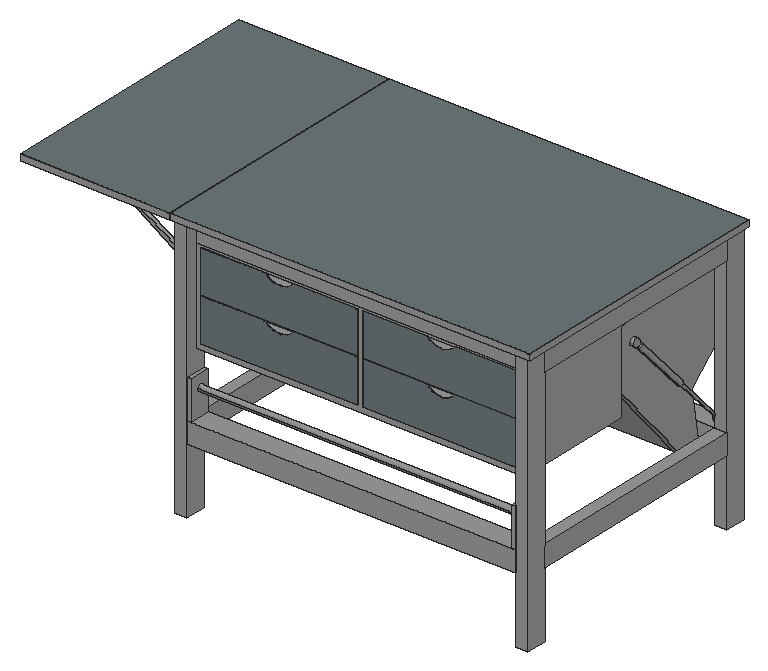
Revit family "Furniture_Other_Sjobergs_Cutting_Table", category Furniture, Revit 2017
Family settings
  OmniClass Number = 23.40.20.27.21
  OmniClass Title = Mobile Storage Units
  Work Plane-Based = No
  Always vertical = Yes
  Cut with Voids When Loaded = No
  Shared = No
  Room Calculation Point = No
Parameters (values of type "Cutting Table")
  Weight = "97,7 kg"
  WarrantyStartDate [instance] = "n/a"
  WarrantyGuarantorParts = "n/a"
  WarrantyGuarantorLabor = "n/a"
  WarrantyDurationUnit = "n/a"
  WarrantyDurationParts = "n/a"
  WarrantyDurationLabor = "n/a"
  WarrantyDescription = "n/a"
  VersionDate = "30/06/2020"  # constant formula
  Version = "1"  # constant formula
  Uniclass2015Reference = "Pr_40_50_21_76"
  Uniclass2015Description = "Desks, Tables And Worktops"
  Uniclass2 = "Pr_40_50_21"
  URL = "https://www.sjobergs.se/sortiment/skola_textilslojd/112.php?id=1274&cat=18&lang=se&artnr=33061"
  Type Comments = ""
  TagNumber [instance] = "n//a"
  SustainabilityPerformance = "n/a"
  Style = "n/a"
  Size = "600 x1200 x 897 mm"
  Shape = "Rectangular"
  ProductDatasheet = "https://www.sjobergs.se/dbhires/Produktblad_klippbord_33061.pdf"
  CuttingTableTertiaryMaterial = Grey laminate
  CuttingTableSecondaryMaterial [instance] = Aluminum
  CuttingTableMainMaterial [instance] = Birch
  SerialNumber [instance] = "n/a"
  Revision = "n/a"
  ReplacementCost = "n/a"
  ProductInformation = "A complete table consists of slab 33108 in dark warped laminate. Tripod 33111 in book. A flap 33118, a box set 33229 and a tipping box 33112 in dark warped laminate."
  NominalWidth = 1700 mm
  NominalHeight = 897 mm
  NominalDepth = 936 mm
  Name = "Sjobergs_Cutting_Table"
  NBSReference = "45-35-20/320"
  NBSDescription = "School art, design and technology tables and workbenches;"
  ModelReference = "n/a"
  ModelNumber = "33061"
  Material = "Wood & Metal"
  ManufacturerName = "Sjöbergs"
  ManufacterURL = "https://www.sjobergs.se/en/"
  MainColor = "Wooden"
  InstallationDate [instance] = "n/a"
  Description = ""
  Model = "Cutting Table"
  Manufacturer = "Sjöbergs"
  IfcExportType = "DRAWER"  # constant formula
  IfcExportAs = "IfcFurnitureType"  # constant formula
  Grade = "n/a"
  Finish = "n/a"
  Features = "The table can be equipped with various accessories, such as the flap, the drawer set and the rocker box."
  ExpectedLife = "n/a"
  DurationUnit = "n/a"
  Cost = 0
  ConvergoRefNr = "0184-2005-0009-SE"
  Constituents = "Paper roll holder 33115, Tilt drawer 33112, Drawers 33229, Flap 33118"
  Color = "Various"
  CodePerformance = "n/a"
  Category = "Cutting Table"
  Brand = "Sjobergs"
  Barcode [instance] = "n/a"
  BIMObjectName = "Furniture_Other_Sjobergs_Cutting_Table"
  Author = "Convergo AB"  # constant formula
  AssetType = "Movable"
  AssetIdentifier [instance] = "n/a"
  AccessibilityPerformance = "n/a"
Reference planes
  plane 1 "Center (Front/Back)": y = 0
  plane 2: z = 0
  plane 3 "Center (Left/Right)": x = 0
  plane 4: x = -850
  plane 5: x = 850
  plane 6: y = 468
  plane 7: y = -468
  plane 8: z = 897
Dimensions and locks
  equal spacing: plane 4, plane 3 "Center (Left/Right)", plane 5
  "NominalWidth": plane 4 to plane 5
  equal spacing: plane 6, plane 1 "Center (Front/Back)", plane 7
  "NominalDepth": plane 6 to plane 7
  "NominalHeight": plane 8 to level
  aligned and locked: level to plane 2
Nested families
  nested 1: "Cutting_Table" at (50, 0, 0), Material 1 <- "CuttingTableTertiaryMaterial", Material 2 <- "CuttingTableMainMaterial", Material 3 <- "CuttingTableSecondaryMaterial", type "Cutting_Table"
    with Material 3 Aluminum, Material 2 Birch, Material 1 Grey laminate
Definition of nested family "Cutting_Table"
  Parameters (values of type "Cutting_Table")
    Material 3 [instance] = none
    Material 2 [instance] = none
    Material 1 [instance] = none
  Reference planes
    plane 1 "Center (Front/Back)": y = 0
    plane 2: z = 0
    plane 3 "Center (Left/Right)": x = 0
    plane 4: x = -900
    plane 5: x = 800
    plane 6: y = 468
    plane 7: y = -468
    plane 8: z = 897
  Forms (mm)
    Extrusion 1, solid, material <- "Material 2", detail levels medium+fine
      sketch origin (0, 0, 0) x (1, 0, 0) y (0, 1, 0)
        loop
          line (-400, 442) -> (-400, -468) -> (800, -468) -> (800, 442) -> (-400, 442)
      from 896 to 875
    Extrusion 2, solid, material <- "Material 2", detail levels medium+fine
      sketch origin (0, 0, 0) x (1, 0, 0) y (0, 1, 0)
        loop
          line (-900, 442) -> (-900, -468) -> (-400, -468) -> (-400, 442) -> (-900, 442)
      from 875 to 896
    Extrusion 3, solid, material <- "Material 2", detail levels medium+fine
      sketch origin (0, 0, 0) x (1, 0, 0) y (0, 1, 0)
        loop
          line (-389, 436) -> (-389, 366) -> (-349, 366) -> (-349, 436) -> (-389, 436)
        loop
          line (749, 436) -> (749, 366) -> (789, 366) -> (789, 436) -> (749, 436)
        loop
          line (789, -392) -> (749, -392) -> (749, -462) -> (789, -462) -> (789, -392)
        loop
          line (-389, -392) -> (-389, -462) -> (-349, -462) -> (-349, -392) -> (-389, -392)
      from 0 to 875
    Extrusion 4, solid, material <- "Material 2", detail levels medium+fine
      sketch origin (0, 0, 0) x (0, 1, 0) y (0, 0, 1)
        loop
          line (436, 291) -> (366, 291) -> (366, 221) -> (436, 221) -> (436, 291)
        loop
          line (-462, 291) -> (-462, 221) -> (-392, 221) -> (-392, 291) -> (-462, 291)
        loop
          line (425, 875) -> (385, 875) -> (385, 805) -> (425, 805) -> (425, 875)
        loop
          line (-425, 875) -> (-425, 805) -> (-385, 805) -> (-385, 875) -> (-425, 875)
      from -349 to 749
    Extrusion 5, solid, material <- "Material 2", detail levels medium+fine
      sketch origin (0, 0, 0) x (1, 0, 0) y (0, 0, 1)
        loop
          line (-389, 291) -> (-389, 221) -> (-349, 221) -> (-349, 291) -> (-389, 291)
        loop
          line (749, 291) -> (749, 221) -> (789, 221) -> (789, 291) -> (749, 291)
        loop
          line (-370, 875) -> (-370, 805) -> (-330, 805) -> (-330, 875) -> (-370, 875)
        loop
          line (749, 875) -> (749, 805) -> (789, 805) -> (789, 875) -> (749, 875)
      from -366 to 392
    Extrusion 6, solid, material <- "Material 2", detail levels medium+fine
      sketch origin (0, 0, 0) x (1, 0, 0) y (0, 0, 1)
        loop
          line (-349, 805) -> (-349, 493) -> (749, 493) -> (749, 805) -> (-349, 805)
      from 25 to 425
    Extrusion 7, solid, material <- "Material 1", detail levels medium+fine
      sketch origin (-1520.779, -600.71, -453.402) x (1, 0, 0) y (0, 0, 1)
        loop
          arc (1498.559, 1252.402) -> (1451.559, 1229.698) -> (1404.559, 1252.402) r 60
          line (1404.559, 1252.402) -> (1190.779, 1252.402) -> (1190.779, 1110.402) -> (1712.279, 1110.402) -> (1712.279, 1252.402) -> (1498.559, 1252.402)
        loop
          arc (1498.559, 1108.402) -> (1451.559, 1085.698) -> (1404.559, 1108.402) r 60
          line (1404.559, 1108.402) -> (1190.779, 1108.402) -> (1190.779, 964.402) -> (1712.279, 964.402) -> (1712.279, 1108.402) -> (1498.559, 1108.402)
        loop
          arc (2038.059, 1252.402) -> (1991.059, 1229.698) -> (1944.059, 1252.402) r 60
          line (1944.059, 1252.402) -> (1730.279, 1252.402) -> (1730.279, 1110.402) -> (2251.779, 1110.402) -> (2251.779, 1252.402) -> (2038.059, 1252.402)
        loop
          arc (2038.059, 1108.402) -> (1991.059, 1085.698) -> (1944.059, 1108.402) r 60
          line (1944.059, 1108.402) -> (1730.279, 1108.402) -> (1730.279, 964.402) -> (2251.779, 964.402) -> (2251.779, 1108.402) -> (2038.059, 1108.402)
      from -175.71 to -174.71
    Revolve 8, solid, material <- "Material 3", detail levels medium+fine
      sketch origin (744.49, -4749.812, -212.098) x (0, 1, 0) y (0, 0, -1)
        loop
          line (4802.362, -887.467) -> (4807.489, -892.149)
          arc (4807.489, -892.149) -> (4808.92, -892.729) -> (4810.327, -892.091) r 1.959
          line (4810.327, -892.091) -> (4982.922, -703.076)
          arc (4982.922, -703.076) -> (4983.431, -701.527) -> (4982.611, -700.119) r 1.988
          line (4982.611, -700.119) -> (4980.646, -698.153) -> (5124.313, -540.818) -> (5121.481, -537.987) -> (4802.362, -887.467)
        axis (5121.481, -537.987) -> (4802.362, -887.467)
      angle from 0 to 360
    Extrusion 9, solid, material <- "Material 3", detail levels medium+fine
      sketch origin (989.979, -4762.854, -212.094) x (0, 1, 0) y (0, 0, -1)
        loop
          line (4814.952, -899.011) -> (4817.618, -896.051)
          arc (4817.618, -896.051) -> (4818.613, -893.725) -> (4817.977, -891.276) r 3.915
          line (4817.977, -891.276) -> (4818.688, -890.486) -> (4812.026, -884.487) -> (4811.318, -885.195)
          arc (4811.318, -885.195) -> (4808.751, -884.759) -> (4806.47, -886.012) r 3.955
          line (4806.47, -886.012) -> (4803.685, -889.105)
          arc (4803.685, -889.105) -> (4795.211, -910.105) -> (4814.952, -899.011) r 12
      from 240.979 to 255.499
    Extrusion 10, solid, material <- "Material 3", detail levels medium+fine
      sketch origin (989.979, 5186.575, 1213.473) x (0, -1, 0) y (0, 0, 1)
        loop
          line (4814.952, -899.011) -> (4817.618, -896.051)
          arc (4817.618, -896.051) -> (4818.613, -893.725) -> (4817.977, -891.276) r 3.915
          line (4817.977, -891.276) -> (4818.688, -890.486) -> (4812.026, -884.487) -> (4811.318, -885.195)
          arc (4811.318, -885.195) -> (4808.751, -884.759) -> (4806.47, -886.012) r 3.955
          line (4806.47, -886.012) -> (4803.685, -889.105)
          arc (4803.685, -889.105) -> (4795.211, -910.105) -> (4814.952, -899.011) r 12
      from 240.979 to 250.377
    Extrusion 11, solid, material <- "Material 3", detail levels medium+fine
      sketch origin (-2913.14, -434.366, -212.323) x (1, 0, 0) y (0, 0, 1)
        loop
          line (2521.14, 1087.323) -> (2223.14, 1087.323)
          arc (2223.14, 1087.323) -> (2221.726, 1086.737) -> (2221.14, 1085.323) r 2
          line (2221.14, 1085.323) -> (2221.14, 1075.823)
          arc (2221.14, 1075.823) -> (2224.069, 1068.752) -> (2231.14, 1065.823) r 10
          line (2231.14, 1065.823) -> (2447.14, 1065.823) -> (2447.14, 1073.323)
          arc (2447.14, 1073.323) -> (2450.64, 1076.823) -> (2454.14, 1073.323) r 3.5
          line (2454.14, 1073.323) -> (2454.14, 1066.323) -> (2504.14, 1066.323) -> (2504.14, 933.823)
          arc (2504.14, 933.823) -> (2507.069, 926.752) -> (2514.14, 923.823) r 10
          line (2514.14, 923.823) -> (2524.14, 923.823) -> (2524.14, 1083.823) -> (2521.14, 1083.823) -> (2521.14, 1087.323)
        loop
          line (2268.14, 1075.823) -> (2376.14, 1075.823) -> (2393.547, 1075.823)
          arc (2393.547, 1075.823) -> (2396.547, 1078.823) -> (2393.547, 1081.823) r 3
          line (2393.547, 1081.823) -> (2388.989, 1081.823) -> (2268.14, 1081.823)
          arc (2268.14, 1081.823) -> (2265.14, 1078.823) -> (2268.14, 1075.823) r 3
      from -16.225 to -0.948
    Extrusion 12, solid, material <- "Material 3", detail levels medium+fine
      sketch origin (-3004.134, 240.945, -256.274) x (1, 0, 0) y (0, 0, 1)
        loop
          line (2595.134, 1036.823) -> (2601.822, 1032.644)
          arc (2601.822, 1032.644) -> (2610.09, 1034.553) -> (2608.181, 1042.821) r 6
          line (2608.181, 1042.821) -> (2469.946, 1129.2)
          arc (2469.946, 1129.2) -> (2461.678, 1127.291) -> (2463.587, 1119.023) r 6
          line (2463.587, 1119.023) -> (2478.388, 1109.774) -> (2595.134, 1036.823)
      from 674.363 to 687.944
    Extrusion 13, solid, material <- "Material 2", detail levels medium+fine
      sketch origin (0, -821.575, -45) x (0, 1, 0) y (0, 0, 1)
        loop
          line (429.575, 465.914) -> (359.575, 465.914) -> (359.575, 336) -> (429.575, 336) -> (429.575, 465.914)
      from -349 to -334
    Extrusion 14, solid, material <- "Material 2", detail levels medium+fine
      sketch origin (1046.48, -821.575, -45) x (0, 1, 0) y (0, 0, 1)
        loop
          line (429.575, 465.914) -> (359.575, 465.914) -> (359.575, 336) -> (429.575, 336) -> (429.575, 465.914)
      from -311.022 to -297.48
    Extrusion 15, solid, material <- "Material 2", detail levels medium+fine
      sketch origin (0, -821.575, -45) x (0, 1, 0) y (0, 0, 1)
        loop
          circle (394.575, 425.251) r 10
      from -334 to 735.457
    Extrusion 16, solid, material <- "Material 1", detail levels medium+fine
      sketch origin (0, 0, 0) x (1, 0, 0) y (0, 1, 0)
        loop
          line (-400, 442) -> (-400, -468) -> (800, -468) -> (800, 442) -> (-400, 442)
      from 896 to 897
    Extrusion 17, solid, material <- "Material 1", detail levels medium+fine
      sketch origin (0, 0, 0) x (1, 0, 0) y (0, 1, 0)
        loop
          line (-900, 442) -> (-900, -468) -> (-400, -468) -> (-400, 442) -> (-900, 442)
      from 897 to 896
    Extrusion 18, solid, material <- "Material 2", detail levels coarse
      sketch origin (0, 0, 0) x (1, 0, 0) y (0, 1, 0)
        loop
          line (-900, 468) -> (-900, -468) -> (800, -468) -> (800, 468) -> (-900, 468)
      from 0 to 897
    Extrusion 19, void
      sketch origin (0, 0, 0) x (1, 0, 0) y (0, 0, 1)
        loop
          line (191.5, 656.999) -> (191.5, 798.999) -> (-330, 798.999) -> (-330, 656.999) -> (191.5, 656.999)
        loop
          line (-330, 511) -> (191.5, 511) -> (191.5, 654.999) -> (-330, 654.999) -> (-330, 511)
        loop
          line (209.5, 656.999) -> (731, 656.999) -> (731, 798.999) -> (209.5, 798.999) -> (209.5, 656.999)
        loop
          line (731, 511) -> (731, 654.999) -> (209.5, 654.999) -> (209.5, 511) -> (731, 511)
      from 48.41 to 772.99
    Extrusion 20, solid, material <- "Material 2", detail levels medium+fine
      sketch origin (0, 0, 0) x (0, 1, 0) y (0, 0, 1)
        loop
          line (-4, 551) -> (249.334, 251) -> (318.063, 251) -> (286.851, 427.196)
          arc (286.851, 427.196) -> (287.186, 431.598) -> (289.599, 435.294) r 8.879
          line (289.599, 435.294) -> (431, 564.731) -> (431, 802.786) -> (-4, 751) -> (-25, 751) -> (-25, 551) -> (-4, 551)
      from -338 to -320
    Extrusion 21, solid, material <- "Material 2", detail levels medium+fine
      sketch origin (1054.48, 0, 0) x (0, 1, 0) y (0, 0, 1)
        loop
          line (-4, 551) -> (249.334, 251) -> (318.063, 251) -> (286.851, 427.196)
          arc (286.851, 427.196) -> (287.186, 431.598) -> (289.599, 435.294) r 8.879
          line (289.599, 435.294) -> (431, 564.731) -> (431, 802.786) -> (-4, 751) -> (-25, 751) -> (-25, 551) -> (-4, 551)
      from -338 to -320
    Extrusion 22, solid, material <- "Material 2", detail levels medium+fine
      sketch origin (899.48, 0, 0) x (0, 1, 0) y (0, 0, 1)
        loop
          line (-25, 746) -> (-25, 556) -> (-1.678, 556) -> (251.656, 256) -> (312.1, 256) -> (281.928, 426.324)
          arc (281.928, 426.324) -> (282.451, 433.204) -> (286.223, 438.982) r 13.879
          line (286.223, 438.982) -> (431, 571.509) -> (431, 578.288) -> (282.847, 442.67)
          arc (282.847, 442.67) -> (277.716, 434.811) -> (277.005, 425.452) r 18.879
          line (277.005, 425.452) -> (306.136, 261) -> (253.978, 261) -> (0.644, 561) -> (-20, 561) -> (-20, 741) -> (-3.406, 741) -> (431, 792.715) -> (431, 797.75) -> (-3.703, 746) -> (-25, 746)
      from -1219.48 to -183
    Extrusion 23, solid, material <- "Material 1", detail levels medium+fine
      sketch origin (0, 0, 0) x (0, 1, 0) y (0, 0, 1)
        loop
          line (438, 811) -> (431, 811) -> (431, 551) -> (438, 551) -> (438, 811)
      from -349 to 749
    Extrusion 24, solid, material <- "Material 3", detail levels medium+fine
      sketch origin (-2913.14, 408.367, -212.323) x (1, 0, 0) y (0, 0, -1)
        loop
          line (2521.14, -1087.323) -> (2521.14, -1083.823) -> (2524.14, -1083.823) -> (2524.14, -923.823) -> (2514.14, -923.823)
          arc (2514.14, -923.823) -> (2507.069, -926.752) -> (2504.14, -933.823) r 10
          line (2504.14, -933.823) -> (2504.14, -1066.323) -> (2454.14, -1066.323) -> (2454.14, -1073.323)
          arc (2454.14, -1073.323) -> (2450.64, -1076.823) -> (2447.14, -1073.323) r 3.5
          line (2447.14, -1073.323) -> (2447.14, -1065.823) -> (2231.14, -1065.823)
          arc (2231.14, -1065.823) -> (2224.069, -1068.752) -> (2221.14, -1075.823) r 10
          line (2221.14, -1075.823) -> (2221.14, -1085.323)
          arc (2221.14, -1085.323) -> (2221.726, -1086.737) -> (2223.14, -1087.323) r 2
          line (2223.14, -1087.323) -> (2521.14, -1087.323)
        loop
          arc (2268.14, -1075.823) -> (2265.14, -1078.823) -> (2268.14, -1081.823) r 3
          line (2268.14, -1081.823) -> (2388.989, -1081.823) -> (2393.547, -1081.823)
          arc (2393.547, -1081.823) -> (2396.547, -1078.823) -> (2393.547, -1075.823) r 3
          line (2393.547, -1075.823) -> (2376.14, -1075.823) -> (2268.14, -1075.823)
      from -16.225 to -0.948
    Extrusion 25, solid, material <- "Material 3", detail levels medium+fine
      sketch origin (-3004.134, -266.944, -256.274) x (1, 0, 0) y (0, 0, -1)
        loop
          line (2595.134, -1036.823) -> (2478.388, -1109.774) -> (2463.587, -1119.023)
          arc (2463.587, -1119.023) -> (2461.678, -1127.291) -> (2469.946, -1129.2) r 6
          line (2469.946, -1129.2) -> (2608.181, -1042.821)
          arc (2608.181, -1042.821) -> (2610.09, -1034.553) -> (2601.822, -1032.644) r 6
          line (2601.822, -1032.644) -> (2595.134, -1036.823)
      from 674.363 to 687.944
  Cuts and joins
    Extrusion 19 cuts Extrusion 6
  Lines and regions (mm)
    symbolic lines, detail levels medium+fine
      curve 1: line (-900, 442, 0) -> (125.394, 442, 0)
      curve 2: line (-900, -468, 0) -> (-900, 442, 0)
      curve 3: line (800, -468, 0) -> (-900, -468, 0)
      curve 4: line (800, 442, 0) -> (800, -468, 0)
      curve 6: line (-400, 0, 897) -> (-900, 0, 897)
      curve 7: line (800, 0, 897) -> (-400, 0, 897)
      curve 9: line (-900, 0, 896) -> (-900, 0, 875)
      curve 10: line (-900, 0, 875) -> (-690, 0, 875)
      curve 12: arc (-690, 0, 875) -> (-691.414, 0, 874.414) -> (-692, 0, 873) r 2
      curve 13: line (-692, 0, 873) -> (-692, 0, 863.5)
      curve 14: arc (-692, 0, 863.5) -> (-689.071, 0, 856.429) -> (-682, 0, 853.5) r 10
      curve 15: line (-682, 0, 853.5) -> (-525.746, 0, 853.5)
      curve 27: arc (-409, 0, 721.5) -> (-406.071, 0, 714.429) -> (-399, 0, 711.5) r 10
      curve 28: line (-399, 0, 711.5) -> (-389, 0, 711.5)
      curve 48: line (-349, 0, 221) -> (749, 0, 221)
      curve 51: line (-349, 0, 0) -> (-389, 0, 0)
      curve 67: line (789, 0, 0) -> (789, 0, 875)
      curve 68: line (800, 0, 875) -> (800, 0, 896)
      curve 69: line (800, 0, 897) -> (800, 0, 896)
      curve 72: line (-900, 0, 897) -> (-900, 0, 896)
      curve 73: line (-409, 0, 780.549) -> (-409, 0, 721.5)
      curve 77: line (-389, 0, 711.5) -> (-389, 0, 0)
      curve 81: line (789, 0, 875) -> (800, 0, 875)
      curve 84: line (-349, 0, 221) -> (-349, 0, 0)
      curve 100: line (749, 0, 221) -> (749, 0, 0)
      curve 107: line (749, 0, 0) -> (789, 0, 0)
      curve 108: line (0, 442, 897) -> (0, -468, 897)
      curve 109: line (0, -468, 897) -> (0, -468, 896)
      curve 110: line (0, 442, 896) -> (0, 442, 897)
      curve 111: line (0, 442, 896) -> (0, 442, 875)
      curve 112: line (0, 442, 875) -> (0, 436, 875)
      curve 113: line (0, -468, 875) -> (0, -468, 896)
      curve 114: line (0, -462, 875) -> (0, -462, 805)
      curve 115: line (0, -462, 805) -> (0, -462, 0)
      curve 116: line (0, -462, 0) -> (0, -392, 0)
      curve 117: line (0, -392, 0) -> (0, -392, 221)
      curve 118: line (0, -392, 221) -> (0, 366, 221)
      curve 119: line (0, 366, 221) -> (0, 366, 0)
      curve 120: line (0, 366, 0) -> (0, 436, 0)
      curve 121: line (0, 436, 0) -> (0, 436, 551)
      curve 165: line (0, -462, 875) -> (0, -468, 875)
      curve 188: line (-409, 0, 780.549) -> (-525.746, 0, 853.5)
      curve 190: line (0, 468, 787) -> (0, 468, 775)
      curve 191: spline (0, 465, 772) -> (0, 465.392, 772.026) -> (0, 465.776, 772.102) -> (0, 466.148, 772.228) -> (0, 466.5, 772.402) -> (0, 466.826, 772.62) -> (0, 467.121, 772.879) -> (0, 467.38, 773.174) -> (0, 467.598, 773.5) -> (0, 467.771, 773.852) -> (0, 467.897, 774.224) -> (0, 467.974, 774.608) -> (0, 468, 775)
      curve 192: line (0, 463, 772) -> (0, 465, 772)
      curve 193: spline (0, 468, 787) -> (0, 467.974, 787.392) -> (0, 467.897, 787.776) -> (0, 467.771, 788.148) -> (0, 467.598, 788.5) -> (0, 467.38, 788.826) -> (0, 467.121, 789.121) -> (0, 466.826, 789.38) -> (0, 466.5, 789.598) -> (0, 466.148, 789.772) -> (0, 465.776, 789.898) -> (0, 465.392, 789.974) -> (0, 465, 790)
      curve 194: line (0, 465, 790) -> (0, 463, 790)
      curve 195: line (0, 445, 788.159) -> (0, 450.223, 788.159)
      curve 196: line (0, 445.001, 773.843) -> (0, 450.223, 773.843)
      curve 197: line (0, 442, 793) -> (0, 442, 790.993)
      curve 198: line (0, 438, 551) -> (0, 438, 769)
      curve 199: line (0, 438, 793) -> (0, 442, 793)
      curve 200: line (0, 442, 769) -> (0, 438, 769)
      curve 201: arc (0, 442, 790.993) -> (0, 442.937, 788.98) -> (0, 445, 788.159) r 3.005
      curve 202: arc (0, 442, 771.007) -> (0, 442.936, 773.021) -> (0, 445.001, 773.843) r 3.005
      curve 203: line (0, 463, 790) -> (0, 452.931, 788.225)
      curve 204: line (0, 463, 772) -> (0, 453.312, 773.708)
      curve 205: arc (0, 450.223, 788.159) -> (0, 451.577, 788.175) -> (0, 452.931, 788.225) r 56.093
      curve 206: arc (0, 450.223, 773.843) -> (0, 451.769, 773.809) -> (0, 453.312, 773.708) r 35.606
      curve 207: line (0, 438, 811) -> (0, 436, 811)
      curve 208: line (0, 438, 551) -> (0, 436, 551)
      curve 209: line (0, 436, 811) -> (0, 436, 875)
      curve 210: line (0, 438, 793) -> (0, 438, 811)
      curve 213: line (0, 442, 771.007) -> (0, 442, 769)
      curve 214: arc (129.671, 451.802, 0) -> (198.979, 468, 0) -> (268.291, 451.822, 0) r 156.472
      curve 216: line (128, 449.113, 0) -> (128, 445.001, 0)
      curve 219: line (270, 445.001, 0) -> (270, 449.072, 0)
      curve 222: arc (128, 445.001, 0) -> (127.257, 443.013, 0) -> (125.394, 442, 0) r 3.031
      curve 223: arc (272.607, 442, 0) -> (270.743, 443.013, 0) -> (270, 445.001, 0) r 3.031
      curve 224: arc (268.291, 451.822, 0) -> (269.538, 450.691, 0) -> (270, 449.072, 0) r 3.067
      curve 225: arc (129.671, 451.802, 0) -> (128.452, 450.696, 0) -> (128, 449.113, 0) r 3
      curve 227: line (272.607, 442, 0) -> (800, 442, 0)
    symbolic lines, detail levels fine
      curve 5: line (-400, 442, 0) -> (-400, -468, 0)
      curve 8: line (-400, 0, 875) -> (-400, 0, 897)
      curve 11: line (-400, 0, 875) -> (-392, 0, 875)
      curve 16: line (-556, 0, 863.5) -> (-645, 0, 863.5)
      curve 17: line (-645, 0, 869.5) -> (-543.133, 0, 869.5)
      curve 18: arc (-645, 0, 863.5) -> (-648, 0, 866.5) -> (-645, 0, 869.5) r 3
      curve 19: line (-485, 0, 853.5) -> (-485, 0, 860)
      curve 20: arc (-485, 0, 860) -> (-481.5, 0, 863.5) -> (-478, 0, 860) r 3.5
      curve 21: line (-478, 0, 860) -> (-478, 0, 853.5)
      curve 22: line (-478, 0, 853.5) -> (-409, 0, 853.5)
      curve 23: line (-409, 0, 861) -> (-409, 0, 794.699)
      curve 24: line (-392, 0, 871) -> (-392, 0, 875)
      curve 25: line (-389, 0, 871) -> (-399, 0, 871)
      curve 26: line (-389, 0, 875) -> (-389, 0, 871)
      curve 29: line (731, 0, 798.999) -> (517.78, 0, 798.999)
      curve 30: line (-349, 0, 875) -> (-349, 0, 493)
      curve 31: line (-330, 0, 805) -> (-330, 0, 656.999)
      curve 32: line (-330, 0, 656.999) -> (191.5, 0, 656.999)
      curve 33: line (191.5, 0, 656.999) -> (191.5, 0, 805)
      curve 34: line (209.5, 0, 805) -> (209.5, 0, 656.999)
      curve 35: line (209.5, 0, 656.999) -> (731, 0, 656.999)
      curve 36: line (731, 0, 656.999) -> (731, 0, 798.999)
      curve 37: line (731, 0, 654.999) -> (518.175, 0, 654.999)
      curve 38: line (731, 0, 511) -> (731, 0, 654.999)
      curve 39: line (209.5, 0, 511) -> (731, 0, 511)
      curve 40: line (209.5, 0, 654.999) -> (209.5, 0, 511)
      curve 41: line (423.78, 0, 654.999) -> (209.5, 0, 654.999)
      curve 42: line (191.5, 0, 511) -> (191.5, 0, 654.999)
      curve 43: line (191.5, 0, 654.999) -> (-22.22, 0, 654.999)
      curve 44: line (-330, 0, 511) -> (191.5, 0, 511)
      curve 45: line (-116.22, 0, 654.999) -> (-330, 0, 654.999)
      curve 46: line (-330, 0, 654.999) -> (-330, 0, 511)
      curve 47: line (749, 0, 291) -> (735.48, 0, 291)
      curve 49: line (734.48, 0, 291) -> (734.48, 0, 451.311)
      curve 50: line (735.48, 0, 291) -> (735.48, 0, 476.311)
      curve 52: line (739.979, 0, 328.919) -> (739.979, 0, 322.92)
      curve 53: line (739.979, 0, 300.314) -> (749, 0, 300.314)
      curve 54: line (749, 0, 314.395) -> (739.979, 0, 314.395)
      curve 55: arc (748.492, 0, 326.032) -> (744.488, 0, 323.196) -> (740.485, 0, 326.032) r 4.244
      curve 56: arc (749, 0, 478.929) -> (748.748, 0, 478.809) -> (748.492, 0, 478.697) r 9.624
      curve 57: line (749, 0, 478.929) -> (749, 0, 493)
      curve 58: line (749, 0, 478.929) -> (749, 0, 476.311)
      curve 59: line (748.492, 0, 326.032) -> (748.492, 0, 328.919)
      curve 60: line (740.485, 0, 326.032) -> (740.485, 0, 328.919)
      curve 61: line (739.979, 0, 328.919) -> (740.485, 0, 328.919)
      curve 62: line (748.492, 0, 328.919) -> (749, 0, 328.919)
      curve 63: line (735.48, 0, 476.311) -> (740.485, 0, 476.311)
      curve 64: line (748.492, 0, 476.311) -> (748.492, 0, 478.697)
      curve 65: line (740.485, 0, 476.311) -> (740.485, 0, 478.929)
      curve 66: line (748.492, 0, 476.311) -> (749, 0, 476.311)
      curve 70: line (-541.514, 0, 863.5) -> (-556, 0, 863.5)
      curve 71: line (-503.101, 0, 853.5) -> (-485, 0, 853.5)
      curve 74: line (-690, 0, 875) -> (-400, 0, 875)
      curve 75: line (-392, 0, 875) -> (789, 0, 875)
      curve 76: line (-389, 0, 871) -> (-389, 0, 711.5)
      curve 78: line (-116.22, 0, 798.999) -> (-330, 0, 798.999)
      curve 79: line (191.5, 0, 798.999) -> (-22.22, 0, 798.999)
      curve 80: line (423.78, 0, 798.999) -> (209.5, 0, 798.999)
      curve 82: line (-349, 0, 493) -> (749, 0, 493)
      curve 83: line (-349, 0, 493) -> (-349, 0, 221)
      curve 85: line (735.48, 0, 484.949) -> (735.48, 0, 493)
      curve 86: arc (740.485, 0, 478.929) -> (737.342, 0, 481.407) -> (735.48, 0, 484.949) r 9.624
      curve 87: arc (748.492, 0, 478.697) -> (744.463, 0, 477.94) -> (740.485, 0, 478.929) r 9.624
      curve 88: line (735.48, 0, 476.311) -> (735.48, 0, 484.949)
      curve 89: line (734.48, 0, 471.311) -> (734.48, 0, 493)
      curve 90: line (734.48, 0, 451.311) -> (734.48, 0, 471.311)
      curve 91: line (749, 0, 476.311) -> (749, 0, 328.919)
      curve 92: line (735.48, 0, 291) -> (734.48, 0, 291)
      curve 93: line (734.48, 0, 291) -> (-349, 0, 291)
      curve 94: line (739.979, 0, 314.395) -> (739.979, 0, 300.314)
      curve 95: line (740.485, 0, 328.919) -> (740.485, 0, 476.311)
      curve 96: line (749, 0, 328.919) -> (749, 0, 322.92)
      curve 97: line (748.492, 0, 328.919) -> (748.492, 0, 476.311)
      curve 98: line (749, 0, 314.395) -> (749, 0, 300.314)
      curve 99: line (749, 0, 300.314) -> (749, 0, 221)
      curve 101: line (749, 0, 322.13) -> (739.979, 0, 322.13)
      curve 102: line (749, 0, 322.92) -> (739.979, 0, 322.92)
      curve 103: line (749, 0, 322.13) -> (749, 0, 314.395)
      curve 104: line (749, 0, 322.92) -> (749, 0, 322.13)
      curve 105: line (739.979, 0, 322.92) -> (739.979, 0, 322.13)
      curve 106: line (739.979, 0, 322.13) -> (739.979, 0, 314.395)
      curve 122: line (0, 436, 551) -> (0, 436, 811)
      curve 123: line (0, 366, 875) -> (0, 366, 337.981)
      curve 124: line (0, 366, 291) -> (0, 366, 324.176)
      curve 125: line (0, 366, 291) -> (0, 301.978, 291)
      curve 126: line (0, 301.978, 291) -> (0, 215.556, 291)
      curve 127: line (0, 215.556, 291) -> (0, -392, 291)
      curve 128: line (0, -392, 291) -> (0, -392, 493)
      curve 129: line (0, -392, 493) -> (0, -392, 875)
      curve 130: line (0, -392, 805) -> (0, -25, 805)
      curve 131: line (0, -25, 805) -> (0, 366, 805)
      curve 132: line (0, -4, 751) -> (0, -25, 751)
      curve 133: line (0, -25, 751) -> (0, -25, 805)
      curve 134: line (0, -4, 551) -> (0, -25, 551)
      curve 135: line (0, -25, 751) -> (0, -25, 551)
      curve 136: line (0, -25, 493) -> (0, -392, 493)
      curve 137: arc (0, 52.099, 686.917) -> (0, 32.357, 698.011) -> (0, 40.832, 677.011) r 12
      curve 138: line (0, 54.765, 683.957) -> (0, 52.099, 686.917)
      curve 139: arc (0, 55.124, 679.182) -> (0, 55.759, 681.631) -> (0, 54.765, 683.957) r 3.915
      curve 140: line (0, 40.832, 677.011) -> (0, 43.616, 673.919)
      curve 141: arc (0, 43.616, 673.919) -> (0, 45.898, 672.665) -> (0, 48.464, 673.101) r 3.955
      curve 142: line (0, 55.814, 678.416) -> (0, 55.124, 679.182)
      curve 143: line (0, 48.464, 673.101) -> (0, 49.194, 672.372)
      curve 144: line (0, 57.63, 680.075) -> (0, 47.376, 670.712)
      curve 145: arc (0, 60.562, 679.942) -> (0, 59.124, 680.615) -> (0, 57.63, 680.075) r 2.075
      curve 146: arc (0, 47.376, 670.712) -> (0, 46.688, 669.242) -> (0, 47.241, 667.716) r 2.12
      curve 147: line (0, 60.562, 679.942) -> (0, 233.113, 490.974)
      curve 148: arc (0, 233.113, 490.974) -> (0, 233.627, 489.554) -> (0, 232.986, 488.186) r 1.974
      curve 149: line (0, 232.986, 488.186) -> (0, 230.787, 486.079)
      curve 150: line (0, 230.787, 486.079) -> (0, 278.763, 433.488)
      curve 151: line (0, 224.88, 480.685) -> (0, 278.845, 421.585)
      curve 152: line (0, 224.88, 480.685) -> (0, 230.787, 486.079)
      curve 153: line (0, 224.88, 480.685) -> (0, 222.705, 478.699)
      curve 154: arc (0, 222.705, 478.699) -> (0, 221.243, 478.17) -> (0, 219.834, 478.829) r 2.033
      curve 155: line (0, 219.834, 478.829) -> (0, 47.241, 667.716)
      curve 156: line (0, 366, 337.981) -> (0, 366, 324.176)
      curve 157: line (0, -392, 291) -> (0, -392, 221)
      curve 158: line (0, 366, 291) -> (0, 366, 221)
      curve 159: line (0, -25, 551) -> (0, -25, 493)
      curve 160: line (0, 366, 324.176) -> (0, 290.067, 409.043)
      curve 161: line (0, 366, 337.981) -> (0, 287.415, 424.016)
      curve 162: line (0, 436, 875) -> (0, 372, 875)
      curve 163: line (0, 372, 875) -> (0, -396.151, 875)
      curve 164: line (0, -396.151, 875) -> (0, -462, 875)
      curve 166: arc (-116.22, 0, 654.999) -> (-69.22, 0, 633.499) -> (-22.22, 0, 654.999) r 62.122
      curve 167: arc (-116.22, 0, 798.999) -> (-69.22, 0, 777.499) -> (-22.22, 0, 798.999) r 62.122
      curve 168: line (-349, 0, 805) -> (749, 0, 805)
      curve 169: line (-534.189, 0, 872.925) -> (-395.954, 0, 786.547)
      curve 170: line (-402.313, 0, 776.37) -> (-409, 0, 780.549)
      curve 171: arc (-395.954, 0, 786.547) -> (-394.045, 0, 778.279) -> (-402.313, 0, 776.37) r 6
      curve 172: arc (-540.548, 0, 862.749) -> (-542.456, 0, 871.017) -> (-534.189, 0, 872.925) r 6
      curve 173: arc (-399, 0, 871) -> (-406.071, 0, 868.071) -> (-409, 0, 861) r 10
      curve 174: arc (423.78, 0, 798.999) -> (470.78, 0, 777.499) -> (517.78, 0, 798.999) r 62.122
      curve 175: arc (423.78, 0, 654.999) -> (470.978, 0, 633.499) -> (518.175, 0, 654.999) r 62.554
      curve 176: line (749, 0, 875) -> (749, 0, 493)
      curve 177: line (-320, 0, 493) -> (-320, 0, 392.25)
      curve 178: line (-338, 0, 493) -> (-338, 0, 420.914)
      curve 179: line (-320, 0, 370.25) -> (-320, 0, 290.914)
      curve 180: line (-334, 0, 370.25) -> (734, 0, 370.25)
      curve 181: line (734.48, 0, 392.25) -> (-334, 0, 392.25)
      curve 182: line (-334, 0, 420.914) -> (-334, 0, 290.914)
      curve 183: line (-349, 0, 420.914) -> (-347.586, 0, 420.914)
      curve 184: line (-335.414, 0, 420.914) -> (-347.586, 0, 420.914)
      curve 185: line (-335.414, 0, 420.914) -> (-334, 0, 420.914)
      curve 186: line (718, 0, 493) -> (718, 0, 392.25)
      curve 187: line (718, 0, 370.25) -> (718, 0, 291)
      curve 189: line (-525.746, 0, 853.5) -> (-540.548, 0, 862.749)
      curve 211: line (0, 438, 769) -> (0, 438, 793)
      curve 212: line (0, 442, 790.993) -> (0, 442, 771.007)
      curve 215: arc (145.969, 453.719, 0) -> (199.005, 463.001, 0) -> (252.039, 453.712, 0) r 156.099
      curve 217: line (144, 450.913, 0) -> (144, 442.001, 0)
      curve 218: line (254, 442.001, 0) -> (254, 450.958, 0)
      curve 220: arc (145.969, 453.719, 0) -> (144.542, 452.627, 0) -> (144, 450.913, 0) r 2.983
      curve 221: arc (254, 450.919, 0) -> (253.461, 452.625, 0) -> (252.039, 453.712, 0) r 2.97
      curve 226: line (125.394, 442, 0) -> (272.607, 442, 0)
      curve 228: line (0, -4, 551) -> (0, 215.556, 291)
      curve 229: line (0, 366, 505.231) -> (0, 289.599, 435.294)
      curve 230: line (0, 286.851, 427.196) -> (0, 287.415, 424.016)
      curve 231: line (0, -4, 751) -> (0, 366, 795.048)
      curve 232: arc (0, 289.599, 435.294) -> (0, 287.186, 431.598) -> (0, 286.851, 427.196) r 8.879
      curve 233: line (0, -22, 751) -> (0, -22, 551)
      curve 234: line (0, -4, 551) -> (0, -4, 751)
      curve 235: line (0, 287.415, 424.016) -> (0, 278.763, 433.488)
      curve 236: line (0, 290.067, 409.043) -> (0, 310.978, 291)
      curve 237: line (0, 290.067, 409.043) -> (0, 278.845, 421.585)
  Dimensions and locks
    aligned and locked: level to plane 2
  Nested families
    nested 1: "35001 Elite 1500 - handle" at (200, 438, 781) x (1, 0, 0) z (0, 1, 0), type "35001 Elite 1500 - handle", detail levels medium+fine
      with Main none
  Definition of nested family "35001 Elite 1500 - handle"
    Parameters (values of type "35001 Elite 1500 - handle")
      Main [instance] = none
      Default Elevation = 1219.2 mm
    Reference planes
      plane 1 "Center (Front/Back)": y = 0
      plane 2: z = 0
      plane 3 "Center (Left/Right)": x = 0
    Forms (mm)
      Extrusion 1, solid
        sketch origin (0, 0, 0) x (1, 0, 0) y (0, 1, 0)
          loop
            line (-1219.2, 1219.2) -> (-1219.2, -1219.2) -> (1219.2, -1219.2) -> (1219.2, 1219.2) -> (-1219.2, 1219.2)
        from 0 to -304.8
      Sweep 2, solid, material <- "Main"
        path origin (-2.182, -6.25, -1.882) x (1, 0, 0) y (0, 0, 1)
          loop
            line (42.536, 15.696) -> (41.646, 17.756)
            arc (41.646, 17.756) -> (37.583, 22.592) -> (31.532, 24.402) r 11.018
            line (31.532, 24.402) -> (2.182, 24.402) -> (-27.168, 24.402)
            arc (-27.168, 24.402) -> (-33.219, 22.592) -> (-37.282, 17.756) r 11.018
            line (-37.282, 17.756) -> (-38.172, 15.696)
        profile origin (14.675, -6.25, 22.52) x (0, 0, -1) y (0, -1, 0)
          loop
            spline (0, 1.502) -> (-0.826, 1.248) -> (-1.596, 0.503) -> (-2.257, -0.683) -> (-2.764, -2.229) -> (-3.083, -4.029) -> (-3.192, -5.96) -> (-3.083, -7.891) -> (-2.764, -9.691) -> (-2.257, -11.237) -> (-1.596, -12.423) -> (-0.826, -13.168) -> (0, -13.422)
            spline (0, -13.422) -> (0.826, -13.168) -> (1.596, -12.423) -> (2.257, -11.237) -> (2.764, -9.691) -> (3.083, -7.891) -> (3.192, -5.96) -> (3.083, -4.029) -> (2.764, -2.229) -> (2.257, -0.683) -> (1.596, 0.503) -> (0.826, 1.248) -> (0, 1.502)
      Extrusion 3, void
        sketch origin (-1.198, -6.25, 0) x (1, 0, 0) y (0, 0, 1)
          loop
            line (-66.302, 3) -> (-66.302, -7) -> (68.698, -7) -> (68.698, 3) -> (-66.302, 3)
        from -67.494 to 43.96
      SweptBlend 4, solid, material <- "Main"
        path origin (1.036, -6.25, -1.882) x (-1, 0, 0) y (0, 0, 1)
          loop
            line (-47.727, 1.757) -> (-41.326, 16.564)
        profile origin (48.763, -6.25, -0.125) x (-0.91791, 0, -0.396789) y (0, -1, 0)
          loop
            spline (5.948, -1.753) -> (5.429, -1.896) -> (4.945, -2.316) -> (4.529, -2.985) -> (4.211, -3.856) -> (4.01, -4.871) -> (3.942, -5.96) -> (4.01, -7.049) -> (4.211, -8.064) -> (4.529, -8.935) -> (4.945, -9.604) -> (5.429, -10.024) -> (5.948, -10.167)
            spline (5.948, -10.167) -> (6.467, -10.024) -> (6.951, -9.604) -> (7.366, -8.935) -> (7.685, -8.064) -> (7.885, -7.049) -> (7.954, -5.96) -> (7.885, -4.871) -> (7.685, -3.856) -> (7.366, -2.985) -> (6.951, -2.316) -> (6.467, -1.896) -> (5.948, -1.753)
        end profile origin (42.362, -6.25, 14.682) x (-0.91791, 0, -0.396789) y (0, -1, 0)
          loop
            spline (2.187, 1.502) -> (1.361, 1.248) -> (0.592, 0.503) -> (-0.069, -0.683) -> (-0.576, -2.229) -> (-0.895, -4.029) -> (-1.004, -5.96) -> (-0.895, -7.891) -> (-0.576, -9.691) -> (-0.069, -11.237) -> (0.592, -12.423) -> (1.361, -13.168) -> (2.188, -13.422)
            spline (2.188, -13.422) -> (3.014, -13.168) -> (3.783, -12.423) -> (4.444, -11.237) -> (4.951, -9.691) -> (5.27, -7.891) -> (5.379, -5.96) -> (5.27, -4.029) -> (4.951, -2.229) -> (4.444, -0.683) -> (3.783, 0.503) -> (3.014, 1.248) -> (2.187, 1.502)
      Extrusion 5, solid, material <- "Main"
        sketch origin (1.163, 0, 0) x (1, 0, 0) y (0, 1, 0)
          loop
            arc (-40.536, 7.12) -> (-43.117, 11.784) -> (-47.807, 14.317) r 9.474
            arc (-47.807, 14.317) -> (-54.087, 13.615) -> (-58.693, 9.289) r 10.004
            arc (-58.693, 9.289) -> (-60.415, 4.79) -> (-60.924, 0) r 18.598
            arc (-60.924, 0) -> (-60.415, -4.79) -> (-58.693, -9.289) r 18.598
            arc (-58.693, -9.289) -> (-54.087, -13.615) -> (-47.807, -14.317) r 10.004
            arc (-47.807, -14.317) -> (-43.117, -11.784) -> (-40.536, -7.12) r 9.474
            arc (-40.536, -7.12) -> (-39.75, 0) -> (-40.536, 7.12) r 32.611
        from 0 to 3
      Extrusion 6, solid, material <- "Main"
        sketch origin (-1.163, 0, 0) x (-1, 0, 0) y (0, -1, 0)
          loop
            arc (-40.536, -7.12) -> (-39.75, 0) -> (-40.536, 7.12) r 32.611
            arc (-40.536, 7.12) -> (-43.117, 11.784) -> (-47.807, 14.317) r 9.474
            arc (-47.807, 14.317) -> (-54.087, 13.615) -> (-58.693, 9.289) r 10.004
            arc (-58.693, 9.289) -> (-60.415, 4.79) -> (-60.924, 0) r 18.598
            arc (-60.924, 0) -> (-60.415, -4.79) -> (-58.693, -9.289) r 18.598
            arc (-58.693, -9.289) -> (-54.087, -13.615) -> (-47.807, -14.317) r 10.004
            arc (-47.807, -14.317) -> (-43.117, -11.784) -> (-40.536, -7.12) r 9.474
        from 0 to 3
      SweptBlend 7, solid, material <- "Main"
        path origin (-1.036, -6.25, -1.882) x (1, 0, 0) y (0, 0, 1)
          loop
            line (-47.727, 1.757) -> (-41.326, 16.564)
        profile origin (-48.763, -6.25, -0.125) x (-0.91791, 0, 0.396789) y (0, -1, 0)
          loop
            spline (-5.948, -1.753) -> (-6.467, -1.896) -> (-6.951, -2.316) -> (-7.366, -2.985) -> (-7.685, -3.856) -> (-7.885, -4.871) -> (-7.954, -5.96) -> (-7.885, -7.049) -> (-7.685, -8.064) -> (-7.366, -8.935) -> (-6.951, -9.604) -> (-6.467, -10.024) -> (-5.948, -10.167)
            spline (-5.948, -10.167) -> (-5.429, -10.024) -> (-4.945, -9.604) -> (-4.529, -8.935) -> (-4.211, -8.064) -> (-4.01, -7.049) -> (-3.942, -5.96) -> (-4.01, -4.871) -> (-4.211, -3.856) -> (-4.529, -2.985) -> (-4.945, -2.316) -> (-5.429, -1.896) -> (-5.948, -1.753)
        end profile origin (-42.362, -6.25, 14.682) x (-0.91791, 0, 0.396789) y (0, -1, 0)
          loop
            spline (-2.187, 1.502) -> (-3.014, 1.248) -> (-3.783, 0.503) -> (-4.444, -0.683) -> (-4.951, -2.229) -> (-5.27, -4.029) -> (-5.379, -5.96) -> (-5.27, -7.891) -> (-4.951, -9.691) -> (-4.444, -11.237) -> (-3.783, -12.423) -> (-3.014, -13.168) -> (-2.188, -13.422)
            spline (-2.188, -13.422) -> (-1.361, -13.168) -> (-0.592, -12.423) -> (0.069, -11.237) -> (0.576, -9.691) -> (0.895, -7.891) -> (1.004, -5.96) -> (0.895, -4.029) -> (0.576, -2.229) -> (0.069, -0.683) -> (-0.592, 0.503) -> (-1.361, 1.248) -> (-2.187, 1.502)
    Cuts and joins
      Extrusion 3 cuts SweptBlend 4
      Extrusion 3 cuts SweptBlend 7
    Dimensions and locks
      aligned and locked: plane 2 to Extrusion 1
      aligned and locked: level to Extrusion 1
